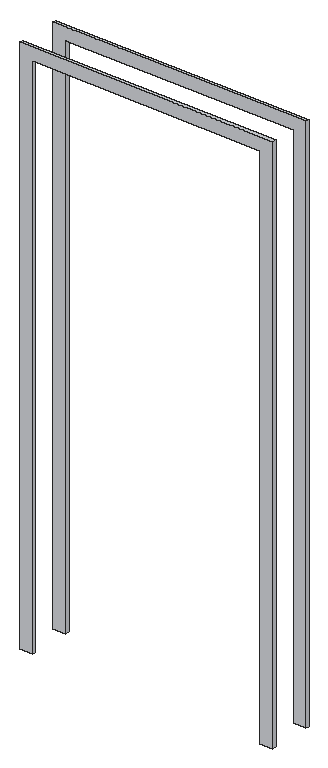
Revit family "GMOD_Opening_Framed", category Generic Models, host Wall, Revit 2024
Family settings
  Host = Wall
  Can host rebar = No
  Round Connector Dimension = Use Diameter
  Part Type = Normal
  OmniClass Number = 23.30.10.00
  OmniClass Title = Doors
  Always vertical = Yes
  Cut with Voids When Loaded = No
  Maintain Annotation Orientation = No
  Shared = No
  Room Calculation Point = No
Parameters (values of type "900mm x 2100mm")
  Width = 900 mm
  Height = 2100 mm
  Frame Projection Ext. = 12 mm
  Frame Projection Int. = 12 mm
  Frame Width = 50 mm
  Wall Closure = By host
  EA_Repath [instance] = 0 mm
  Door_$Frame_Material = none
  Default Elevation = 0 mm
Reference planes
  plane 1 "Center (Front/Back)": y = 0
  plane 2 "Center (Left/Right)": x = 0
  plane 3 "Left": x = -450
  plane 4 "Right": x = 450
  plane 5 "Top": z = 2100
  plane 6 "Exterior": y = 76.2
  plane 7 "Interior": y = -76.2
Forms (mm)
  Extrusion 1, solid, material <- "Door_$Frame_Material"
    sketch origin (-2286, 76.2, 0) x (-1, 0, 0) y (0, 0, 1)
      loop
        line (-2736, 2100) -> (-1836, 2100) -> (-1836, 0) -> (-1786, 0) -> (-1786, 2150) -> (-2786, 2150) -> (-2786, 0) -> (-2736, 0) -> (-2736, 2100)
    from 0 to 12
  Extrusion 2, solid, material <- "Door_$Frame_Material"
    sketch origin (-2286, -76.2, 0) x (1, 0, 0) y (0, 0, 1)
      loop
        line (1836, 0) -> (1836, 2100) -> (2736, 2100) -> (2736, 0) -> (2786, 0) -> (2786, 2150) -> (1786, 2150) -> (1786, 0) -> (1836, 0)
    from 0 to 12
Lines and regions (mm)
  Opening 1
    outline origin (-2286, -76.2, 0) x (1, 0, 0) y (0, 0, 1)
      loop
        line (1836, 0) -> (2736, 0) -> (2736, 2100) -> (1836, 2100) -> (1836, 0)
  symbolic lines
    curve 1: line (450, 76.2, 0) -> (-450, 76.2, 1050)
    curve 2: line (-450, 76.2, 1050) -> (450, 76.2, 2100)
Text (mm)
  text "Exterior" at (-1904.17, 693.701, 0), in view "Ref. Level"
  text "Interior" at (-1904.17, -638.649, 0), in view "Ref. Level"
  text "Exterior" at (0, 1019.848, 3124.603), in view "Right"
  text "Interior" at (0, -1635.541, 3124.603), in view "Right"
  text "Interior" at (0, -787.806, 3124.376), in view "Left"
  text "Exterior" at (0, 1386.095, 3124.376), in view "Left"
Dimensions and locks
  equal spacing: plane 3 "Left", plane 2 "Center (Left/Right)", plane 4 "Right"
  "Height": level to plane 5 "Top"
  "Width": plane 3 "Left" to plane 4 "Right"
  "Frame Width": Extrusion 2 sketch curve to plane 3 "Left"
  "Frame Width": Extrusion 2 sketch curve to plane 4 "Right"
  "Frame Width": Extrusion 2 sketch curve to plane 5 "Top"
  "Frame Width": Extrusion 1 sketch curve to Extrusion 1 sketch curve  (x2)
  "Frame Width": Extrusion 1 sketch curve to plane 5 "Top"
  equal spacing: host wall, curve 2, plane 5 "Top"
  "Frame Projection Int.": Extrusion 2 to host wall
  "Frame Projection Ext.": Extrusion 1 to host wall
  aligned and locked: plane 3 "Left" to Opening 1 sketch curve
  aligned and locked: plane 5 "Top" to Opening 1 sketch curve  (x2)
  aligned and locked: Opening 1 sketch curve to plane 4 "Right"
  aligned and locked: Opening 1 sketch curve to level
  aligned and locked: plane 5 "Top" to Extrusion 1 sketch curve  (x2)
  aligned and locked: plane 3 "Left" to Extrusion 1 sketch curve
  aligned and locked: Extrusion 1 sketch curve to plane 3 "Left"
  aligned and locked: level to Extrusion 1 sketch curve
  aligned and locked: plane 4 "Right" to Extrusion 1 sketch curve
  aligned and locked: Extrusion 1 to host wall
  aligned and locked: plane 3 "Left" to Extrusion 2 sketch curve
  aligned and locked: plane 5 "Top" to Extrusion 2 sketch curve  (x2)
  aligned and locked: plane 4 "Right" to Extrusion 2 sketch curve  (x2)
  aligned and locked: level to Extrusion 2 sketch curve
  aligned and locked: Extrusion 2 sketch curve to level
  aligned and locked: Extrusion 2 to host wall
  aligned and locked: plane 4 "Right" to curve 1
  aligned and locked: plane 3 "Left" to curve 1
  aligned and locked: plane 5 "Top" to curve 2
  aligned and locked: plane 6 "Exterior" to host wall
  aligned and locked: plane 7 "Interior" to host wall
Automatic sketch dimensions
  curve 1 to level = 0 mm
  curve 2 to plane 4 "Right" = 0 mm
  Extrusion 1 sketch curve to level = 0 mm
  Extrusion 2 sketch curve to level = 0 mm
